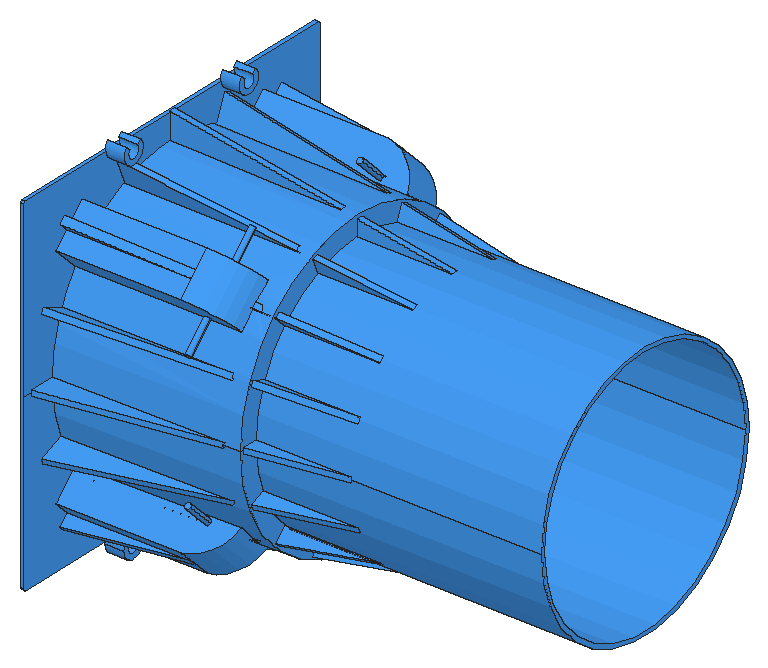
Revit family "H110S REV 0", category Pipe Accessories, Revit 2018
Family settings
  Round Connector Dimension = Use Diameter
  Part Type = Breaks Into
  Work Plane-Based = No
  Always vertical = No
  Cut with Voids When Loaded = No
  Shared = No
Parameters
  URL = "http://www.suresnap.co.uk/"
  Model = "H110S"
  Manufacturer = "Suresnap Fire Collars UK"
  Description = "SURE SNAP H110S Cast In Device"
  Cut Depth Offset [instance] = Cut Depth + 1 mm  # 1 mm
  Cut Depth [instance] = 0 mm
Reference planes
  plane 1 "Center (Front/Back)": y = 0
  plane 2: z = 0
  plane 3 "Center (Left/Right)": x = 21
  plane 4: x = -230
  plane 5: x = -99.679
  plane 6: y = 90.593
  plane 7: y = -50
  plane 8: y = 100.593
  plane 9: y = -60
  plane 10: x = -99.679
  plane 11: x = -79.975
Forms (mm)
  Revolve 1, solid, material "PVC-Blue", detail levels medium+fine
    sketch origin (0, 0, 0) x (1, 0, 0) y (0, 1, 0)
      loop
        line (-227.967, -78.964) -> (-130, -77.766) -> (-130, -67.842) -> (21, -67.842) -> (21, -66) -> (-131.984, -66) -> (-131.984, -75.532) -> (-230, -76.833) -> (-230, -132.766) -> (-227.967, -132.766) -> (-227.967, -78.964)
      axis (-230, 0) -> (21, 0)
    angle from 0 to 360
  Extrusion 2, void
    sketch origin (-227.967, 0, 0) x (0, 1, 0) y (0, 0, -1)
      loop
        line (-97.07, -91.615) -> (96.93, -91.615) -> (96.93, 91.385) -> (-97.07, 91.385) -> (-97.07, -91.615)
      loop
        line (-157.766, -157.766) -> (178.95, -157.766) -> (178.95, 172.842) -> (-157.766, 172.842) -> (-157.766, -157.766)
    from 0 to 2.033
  Extrusion 3, solid, material "PVC-Blue", detail levels fine
    sketch origin (0, -0.061, 0) x (1, 0, 0) y (0, 0, 1)
      loop
        line (-227.967, 92.766) -> (-227.967, 67.973) -> (-80, 67.973) -> (-227.967, 92.766)
    from -1.5 to 1.5
  Extrusion 4, solid, material "PVC-Blue", detail levels fine
    sketch origin (0, 0, 0) x (1, 0, 0) y (0, 0.866025, -0.5)
      loop
        line (-80, 60.418) -> (-227.967, 86.048) -> (-227.967, 69.12) -> (-80, 60.418)
    from -1.5 to 1.5
  Extrusion 5, solid, material "PVC-Blue", detail levels fine
    sketch origin (0, 0, 0) x (1, 0, 0) y (0, 1, 0)
      loop
        line (-80, 60.418) -> (-227.967, 86.048) -> (-227.967, 69.12) -> (-80, 60.418)
    from -1.5 to 1.5
  Extrusion 6, solid, material "PVC-Blue", detail levels medium+fine
    sketch origin (0, 0.061, 0.083) x (1, 0, 0) y (0, -0.707107, 0.707107)
      loop
        line (-227.967, 58.439) -> (-140.967, 58.439) -> (-140.967, 77.244)
        arc (-140.967, 77.244) -> (-148.679, 90.01) -> (-162.316, 96.048) r 24.811
        line (-162.316, 96.048) -> (-227.967, 96.048) -> (-227.967, 58.439)
    from -12 to 12
  Extrusion 7, solid, material "PVC-Blue", detail levels fine
    sketch origin (0, 0.061, 0.083) x (1, 0, 0) y (0, -0.707107, 0.707107)
      loop
        line (-227.967, 102.871) -> (-227.967, 96.048) -> (-162.316, 96.048) -> (-227.967, 102.871)
    from -2 to 2
  Extrusion 8, solid, material "PVC-Blue", not visible, detail levels fine
    sketch origin (0, 0, 0) x (1, 0, 0) y (0, 0, 1)
      loop
        line (-80, 60.418) -> (-227.967, 86.048) -> (-227.967, 69.12) -> (-80, 60.418)
    from -1.5 to 1.5
  Extrusion 9, solid, material "PVC-Blue", not visible, detail levels fine
    sketch origin (0, 0, 0) x (1, 0, 0) y (0, -0.5, 0.866025)
      loop
        line (-80, 60.418) -> (-227.967, 86.048) -> (-227.967, 69.12) -> (-80, 60.418)
    from -1.5 to 1.5
  Extrusion 10, solid, material "PVC-Blue", not visible, detail levels fine
    sketch origin (0, 0, 0) x (1, 0, 0) y (0, -0.866025, 0.5)
      loop
        line (-80, 60.418) -> (-227.967, 86.048) -> (-227.967, 69.12) -> (-80, 60.418)
    from -1.5 to 1.5
  Extrusion 11, solid, material "PVC-Blue", not visible, detail levels fine
    sketch origin (0, 0, 0) x (0, -1, 0) y (-1, 0, 0)
      loop
        line (60.418, 80) -> (86.048, 227.967) -> (69.12, 227.967) -> (60.418, 80)
    from -1.5 to 1.5
  Extrusion 12, solid, material "PVC-Blue", not visible, detail levels fine
    sketch origin (0, 0, 0) x (1, 0, 0) y (0, -0.866025, -0.5)
      loop
        line (-80, 60.418) -> (-227.967, 86.048) -> (-227.967, 69.12) -> (-80, 60.418)
    from -1.5 to 1.5
  Extrusion 13, solid, material "PVC-Blue", not visible, detail levels fine
    sketch origin (0, 0, 0) x (1, 0, 0) y (0, -0.5, -0.866025)
      loop
        line (-80, 60.418) -> (-227.967, 86.048) -> (-227.967, 69.12) -> (-80, 60.418)
    from -1.5 to 1.5
  Extrusion 14, solid, material "PVC-Blue", not visible, detail levels fine
    sketch origin (0, 0, 0) x (1, 0, 0) y (0, 0, -1)
      loop
        line (-80, 60.418) -> (-227.967, 86.048) -> (-227.967, 69.12) -> (-80, 60.418)
    from -1.5 to 1.5
  Extrusion 15, solid, material "PVC-Blue", not visible, detail levels fine
    sketch origin (0, 0, 0) x (1, 0, 0) y (0, 0.5, -0.866025)
      loop
        line (-80, 60.418) -> (-227.967, 86.048) -> (-227.967, 69.12) -> (-80, 60.418)
    from -1.5 to 1.5
  Extrusion 16, solid, material "PVC-Blue", not visible, detail levels fine
    sketch origin (0, 0, 0) x (1, 0, 0) y (0, 0.866025, -0.5)
      loop
        line (-80, 60.418) -> (-227.967, 86.048) -> (-227.967, 69.12) -> (-80, 60.418)
    from -1.5 to 1.5
  Extrusion 17, solid, material "PVC-Blue", not visible, detail levels fine
    sketch origin (0, 0, 0) x (1, 0, 0) y (0, 1, 0)
      loop
        line (-80, 60.418) -> (-227.967, 86.048) -> (-227.967, 69.12) -> (-80, 60.418)
    from -1.5 to 1.5
  Extrusion 18, solid, material "PVC-Blue", not visible, detail levels fine
    sketch origin (0, 0, 0) x (1, 0, 0) y (0, 0.866025, 0.5)
      loop
        line (-80, 60.418) -> (-227.967, 86.048) -> (-227.967, 69.12) -> (-80, 60.418)
    from -1.5 to 1.5
  Extrusion 19, solid, material "PVC-Blue", not visible, detail levels fine
    sketch origin (0, 0, 0) x (1, 0, 0) y (0, 0.5, 0.866025)
      loop
        line (-80, 60.418) -> (-227.967, 86.048) -> (-227.967, 69.12) -> (-80, 60.418)
    from -1.5 to 1.5
  Extrusion 20, solid, material "PVC-Blue", detail levels fine
    sketch origin (0, 0.018, 0.04) x (1, 0, 0) y (0, -0.707107, 0.707107)
      loop
        circle (-157.362, 79.878) r 1.5
    from -30 to 30
  Extrusion 21, void
    sketch origin (21, 0, 0) x (0, 1, 0) y (0, 0, -1)
      loop
        circle (0, 0) r 70
    from 0 to 1 <- "Cut Depth Offset"
  Extrusion 22, solid, material "PVC-Blue", not visible, detail levels medium+fine
    sketch origin (0, 0, 0) x (1, 0, 0) y (0, 0, 1)
      loop
        line (-227.967, 58.439) -> (-140.967, 58.439) -> (-140.967, 77.244)
        arc (-140.967, 77.244) -> (-148.679, 90.01) -> (-162.316, 96.048) r 24.811
        line (-162.316, 96.048) -> (-227.967, 96.048) -> (-227.967, 58.439)
    from -12 to 12
  Extrusion 23, solid, material "PVC-Blue", not visible, detail levels fine
    sketch origin (0, 0, 0) x (1, 0, 0) y (0, 0, 1)
      loop
        line (-227.967, 102.871) -> (-227.967, 96.048) -> (-162.316, 96.048) -> (-227.967, 102.871)
    from -2 to 2
  Extrusion 24, solid, material "PVC-Blue", not visible, detail levels fine
    sketch origin (0, 0, 0) x (1, 0, 0) y (0, 0, 1)
      loop
        circle (-157.362, 79.878) r 1.5
    from -30 to 30
  Extrusion 25, solid, material "PVC-Blue", not visible, detail levels medium+fine
    sketch origin (0, 0.061, 0.083) x (1, 0, 0) y (0, -0.707107, 0.707107)
      loop
        line (-227.967, 58.439) -> (-140.967, 58.439) -> (-140.967, 77.244)
        arc (-140.967, 77.244) -> (-148.679, 90.01) -> (-162.316, 96.048) r 24.811
        line (-162.316, 96.048) -> (-227.967, 96.048) -> (-227.967, 58.439)
    from -12 to 12
  Extrusion 26, solid, material "PVC-Blue", not visible, detail levels fine
    sketch origin (0, 0.061, 0.083) x (1, 0, 0) y (0, -0.707107, 0.707107)
      loop
        line (-227.967, 102.871) -> (-227.967, 96.048) -> (-162.316, 96.048) -> (-227.967, 102.871)
    from -2 to 2
  Extrusion 27, solid, material "PVC-Blue", not visible, detail levels fine
    sketch origin (0, 0.018, 0.04) x (1, 0, 0) y (0, -0.707107, 0.707107)
      loop
        circle (-157.362, 79.878) r 1.5
    from -30 to 30
  Extrusion 28, solid, material "PVC-Blue", detail levels medium+fine
    sketch origin (0, -0.102, -0.015) x (1, 0, 0) y (0, 0.707107, 0.707107)
      loop
        line (-227.967, 58.439) -> (-140.967, 58.439) -> (-140.967, 77.244)
        arc (-140.967, 77.244) -> (-148.679, 90.01) -> (-162.316, 96.048) r 24.811
        line (-162.316, 96.048) -> (-227.967, 96.048) -> (-227.967, 58.439)
    from -12 to 12
  Extrusion 29, solid, material "PVC-Blue", detail levels fine
    sketch origin (0, -0.102, -0.015) x (1, 0, 0) y (0, 0.707107, 0.707107)
      loop
        line (-227.967, 102.871) -> (-227.967, 96.048) -> (-162.316, 96.048) -> (-227.967, 102.871)
    from -2 to 2
  Extrusion 30, solid, material "PVC-Blue", detail levels fine
    sketch origin (0, -0.145, 0.028) x (1, 0, 0) y (0, 0.707107, 0.707107)
      loop
        circle (-157.362, 79.878) r 1.5
    from -30 to 30
  Extrusion 31, solid, material "PVC-Blue", detail levels medium+fine
    sketch origin (0, -0.201, 0.148) x (1, 0, 0) y (0, 0.707107, -0.707107)
      loop
        line (-227.967, 58.439) -> (-140.967, 58.439) -> (-140.967, 77.244)
        arc (-140.967, 77.244) -> (-148.679, 90.01) -> (-162.316, 96.048) r 24.811
        line (-162.316, 96.048) -> (-227.967, 96.048) -> (-227.967, 58.439)
    from -12 to 12
  Extrusion 32, solid, material "PVC-Blue", detail levels fine
    sketch origin (0, -0.201, 0.148) x (1, 0, 0) y (0, 0.707107, -0.707107)
      loop
        line (-227.967, 102.871) -> (-227.967, 96.048) -> (-162.316, 96.048) -> (-227.967, 102.871)
    from -2 to 2
  Extrusion 33, solid, material "PVC-Blue", detail levels fine
    sketch origin (0, -0.157, 0.191) x (1, 0, 0) y (0, 0.707107, -0.707107)
      loop
        circle (-157.362, 79.878) r 1.5
    from -30 to 30
  Extrusion 34, solid, material "PVC-Blue", detail levels medium+fine
    sketch origin (0, -0.037, 0.246) x (1, 0, 0) y (0, -0.707107, -0.707107)
      loop
        line (-227.967, 58.439) -> (-140.967, 58.439) -> (-140.967, 77.244)
        arc (-140.967, 77.244) -> (-148.679, 90.01) -> (-162.316, 96.048) r 24.811
        line (-162.316, 96.048) -> (-227.967, 96.048) -> (-227.967, 58.439)
    from -12 to 12
  Extrusion 35, solid, material "PVC-Blue", detail levels fine
    sketch origin (0, -0.037, 0.246) x (1, 0, 0) y (0, -0.707107, -0.707107)
      loop
        line (-227.967, 102.871) -> (-227.967, 96.048) -> (-162.316, 96.048) -> (-227.967, 102.871)
    from -2 to 2
  Extrusion 36, solid, material "PVC-Blue", detail levels fine
    sketch origin (0, 0.006, 0.203) x (1, 0, 0) y (0, -0.707107, -0.707107)
      loop
        circle (-157.362, 79.878) r 1.5
    from -30 to 30
  Extrusion 37, solid, material "PVC-Blue", not visible, detail levels fine
    sketch origin (0, -0.061, 0) x (1, 0, 0) y (0, 0, 1)
      loop
        line (-227.967, 92.766) -> (-227.967, 67.973) -> (-80, 67.973) -> (-227.967, 92.766)
    from -1.5 to 1.5
  Extrusion 38, solid, material "PVC-Blue", detail levels fine
    sketch origin (0, -0.018, 0.012) x (1, 0, 0) y (0, -0.382683, 0.92388)
      loop
        line (-227.967, 92.766) -> (-227.967, 67.973) -> (-80, 67.973) -> (-227.967, 92.766)
    from -1.5 to 1.5
  Extrusion 39, solid, material "PVC-Blue", detail levels fine
    sketch origin (0, -0.106, 0.006) x (1, 0, 0) y (0, 0.382683, 0.92388)
      loop
        line (-227.967, 92.766) -> (-227.967, 67.973) -> (-80, 67.973) -> (-227.967, 92.766)
    from -1.5 to 1.5
  Extrusion 40, solid, material "PVC-Blue", detail levels fine
    sketch origin (0, -0.145, 0.028) x (1, 0, 0) y (0, 0.707107, 0.707107)
      loop
        line (-227.967, 92.766) -> (-227.967, 67.973) -> (-80, 67.973) -> (-227.967, 92.766)
    from -1.5 to 1.5
  Extrusion 41, solid, material "PVC-Blue", detail levels fine
    sketch origin (0, -0.173, 0.064) x (1, 0, 0) y (0, 0.92388, 0.382683)
      loop
        line (-227.967, 92.766) -> (-227.967, 67.973) -> (-80, 67.973) -> (-227.967, 92.766)
    from -1.5 to 1.5
  Extrusion 42, solid, material "PVC-Blue", detail levels fine
    sketch origin (0, -0.185, 0.107) x (1, 0, 0) y (0, 1, 0)
      loop
        line (-227.967, 92.766) -> (-227.967, 67.973) -> (-80, 67.973) -> (-227.967, 92.766)
    from -1.5 to 1.5
  Extrusion 43, solid, material "PVC-Blue", detail levels fine
    sketch origin (0, -0.18, 0.152) x (1, 0, 0) y (0, 0.92388, -0.382683)
      loop
        line (-227.967, 92.766) -> (-227.967, 67.973) -> (-80, 67.973) -> (-227.967, 92.766)
    from -1.5 to 1.5
  Extrusion 44, solid, material "PVC-Blue", detail levels fine
    sketch origin (0, -0.157, 0.191) x (1, 0, 0) y (0, 0.707107, -0.707107)
      loop
        line (-227.967, 92.766) -> (-227.967, 67.973) -> (-80, 67.973) -> (-227.967, 92.766)
    from -1.5 to 1.5
  Extrusion 45, solid, material "PVC-Blue", detail levels fine
    sketch origin (0, -0.122, 0.219) x (1, 0, 0) y (0, 0.382683, -0.92388)
      loop
        line (-227.967, 92.766) -> (-227.967, 67.973) -> (-80, 67.973) -> (-227.967, 92.766)
    from -1.5 to 1.5
  Extrusion 46, solid, material "PVC-Blue", detail levels fine
    sketch origin (0, -0.078, 0.231) x (1, 0, 0) y (0, 0, -1)
      loop
        line (-227.967, 92.766) -> (-227.967, 67.973) -> (-80, 67.973) -> (-227.967, 92.766)
    from -1.5 to 1.5
  Extrusion 47, solid, material "PVC-Blue", detail levels fine
    sketch origin (0, -0.033, 0.225) x (1, 0, 0) y (0, -0.382683, -0.92388)
      loop
        line (-227.967, 92.766) -> (-227.967, 67.973) -> (-80, 67.973) -> (-227.967, 92.766)
    from -1.5 to 1.5
  Extrusion 48, solid, material "PVC-Blue", detail levels fine
    sketch origin (0, 0.006, 0.203) x (1, 0, 0) y (0, -0.707107, -0.707107)
      loop
        line (-227.967, 92.766) -> (-227.967, 67.973) -> (-80, 67.973) -> (-227.967, 92.766)
    from -1.5 to 1.5
  Extrusion 49, solid, material "PVC-Blue", detail levels fine
    sketch origin (0, 0.034, 0.167) x (1, 0, 0) y (0, -0.92388, -0.382683)
      loop
        line (-227.967, 92.766) -> (-227.967, 67.973) -> (-80, 67.973) -> (-227.967, 92.766)
    from -1.5 to 1.5
  Extrusion 50, solid, material "PVC-Blue", detail levels fine
    sketch origin (0, 0.046, 0.124) x (0, -1, 0) y (-1, 0, 0)
      loop
        line (92.766, 227.967) -> (67.973, 227.967) -> (67.973, 80) -> (92.766, 227.967)
    from -1.5 to 1.5
  Extrusion 51, solid, material "PVC-Blue", detail levels fine
    sketch origin (0, 0.04, 0.079) x (1, 0, 0) y (0, -0.92388, 0.382683)
      loop
        line (-227.967, 92.766) -> (-227.967, 67.973) -> (-80, 67.973) -> (-227.967, 92.766)
    from -1.5 to 1.5
  Extrusion 52, solid, material "PVC-Blue", detail levels fine
    sketch origin (0, 0.018, 0.04) x (1, 0, 0) y (0, -0.707107, 0.707107)
      loop
        line (-227.967, 92.766) -> (-227.967, 67.973) -> (-80, 67.973) -> (-227.967, 92.766)
    from -1.5 to 1.5
  Extrusion 53, solid, material "PVC-Blue", detail levels medium+fine
    sketch origin (-227.967, 0, 0) x (0, -1, 0) y (0, 0, -1)
      loop
        arc (42.345, -96.671) -> (37.79, -86.766) -> (33.234, -96.671) r 6
        line (33.234, -96.671) -> (35.011, -94.894)
        arc (35.011, -94.894) -> (37.79, -89.266) -> (40.568, -94.894) r 3.5
        line (40.568, -94.894) -> (42.345, -96.671)
    from 0 to 10
  Extrusion 54, solid, material "PVC-Blue", detail levels medium+fine
    sketch origin (-227.967, 0, 0) x (0, 1, 0) y (0, 0, 1)
      loop
        arc (33.234, 96.671) -> (37.79, 86.766) -> (42.345, 96.671) r 6
        line (42.345, 96.671) -> (40.568, 94.894)
        arc (40.568, 94.894) -> (37.79, 89.266) -> (35.011, 94.894) r 3.5
        line (35.011, 94.894) -> (33.234, 96.671)
    from 0 to 10
  Extrusion 55, solid, material "PVC-Blue", not visible, detail levels medium+fine
    sketch origin (-227.967, 0, 0) x (0, -1, 0) y (0, 0, -1)
      loop
        circle (37.79, -92.766) r 6
      loop
        circle (37.79, -92.766) r 3.5
    from 0 to 10
  Extrusion 56, solid, material "PVC-Blue", not visible, detail levels medium+fine
    sketch origin (-227.967, 0, 0) x (0, 1, 0) y (0, 0, 1)
      loop
        circle (37.79, 92.766) r 6
      loop
        circle (37.79, 92.766) r 3.5
    from 0 to 10
  Extrusion 57, solid, material "PVC-Blue", detail levels medium+fine
    sketch origin (-227.967, -0.139, 0.231) x (0, 1, -0.000556) y (0, 0.000556, 1)
      loop
        circle (37.79, -92.766) r 6
      loop
        circle (37.79, -92.766) r 3.5
    from 0 to 10
  Extrusion 58, solid, material "PVC-Blue", detail levels medium+fine
    sketch origin (-227.967, -0.139, 0.231) x (0, -1, 0.000556) y (0, -0.000556, -1)
      loop
        circle (37.79, 92.766) r 6
      loop
        circle (37.79, 92.766) r 3.5
    from 0 to 10
Cuts and joins
  Extrusion 2, Extrusion 21 cuts Revolve 1
  joined: Revolve 1, Extrusion 6, Extrusion 53, Extrusion 54, Extrusion 57, Extrusion 58
Lines and regions (mm)
  model lines
    curve 1: line (-227.967, -50.07, 0.115) -> (-227.967, 49.93, 0.115)
Dimensions and locks
  plane 4 to plane 3 "Center (Left/Right)" = 251 mm
  Extrusion 4 sketch curve to Extrusion 4 sketch curve = 0 mm
  Extrusion 5 sketch curve to Extrusion 5 sketch curve = 0 mm
  Extrusion 8 sketch curve to Extrusion 8 sketch curve = 0 mm
  Extrusion 9 sketch curve to Extrusion 9 sketch curve = 0 mm
  Extrusion 10 sketch curve to Extrusion 10 sketch curve = 0 mm
  Extrusion 11 sketch curve to Extrusion 11 sketch curve = 0 mm
  Extrusion 12 sketch curve to Extrusion 12 sketch curve = 0 mm
  Extrusion 13 sketch curve to Extrusion 13 sketch curve = 0 mm
  Extrusion 14 sketch curve to Extrusion 14 sketch curve = 0 mm
  Extrusion 15 sketch curve to Extrusion 15 sketch curve = 0 mm
  Extrusion 16 sketch curve to Extrusion 16 sketch curve = 0 mm
  Extrusion 17 sketch curve to Extrusion 17 sketch curve = 0 mm
  Extrusion 18 sketch curve to Extrusion 18 sketch curve = 0 mm
  Extrusion 19 sketch curve to Extrusion 19 sketch curve = 0 mm
  aligned and locked: level to plane 2
  aligned and locked: plane 1 "Center (Front/Back)" to Revolve 1 sketch curve
  aligned and locked: plane 3 "Center (Left/Right)" to Extrusion 21
Connectors
  piping at (-99.679, 0, 0), diameter 110
    settings: on plane 10, index 4, connector inside diameter 609.6 mm, connector length 0 mm, flow factor 0, pipe flow 0.0 L/s, pressure drop 0.0 Pa, fitting loss kfactor 0, connector angle 0.00°, fixture units 0, engagement length 0 mm, angle of deflection 0.00°, flow configuration 0, flow direction 0, fitting loss method 0, system type 7, joint type 0, gender type 0, connector reference index -1, connector utility 0, adjustable connector no, is connector primary yes, connector description ""
  piping at (-99.679, 0, 0), diameter 110
    settings: on plane 5, index 5, connector inside diameter 609.6 mm, connector length 0 mm, flow factor 0, pipe flow 0.0 L/s, pressure drop 0.0 Pa, fitting loss kfactor 0, connector angle 0.00°, fixture units 0, engagement length 0 mm, angle of deflection 0.00°, flow configuration 0, flow direction 0, fitting loss method 0, system type 7, joint type 0, gender type 0, connector reference index -1, connector utility 0, adjustable connector no, is connector primary no, connector description ""
